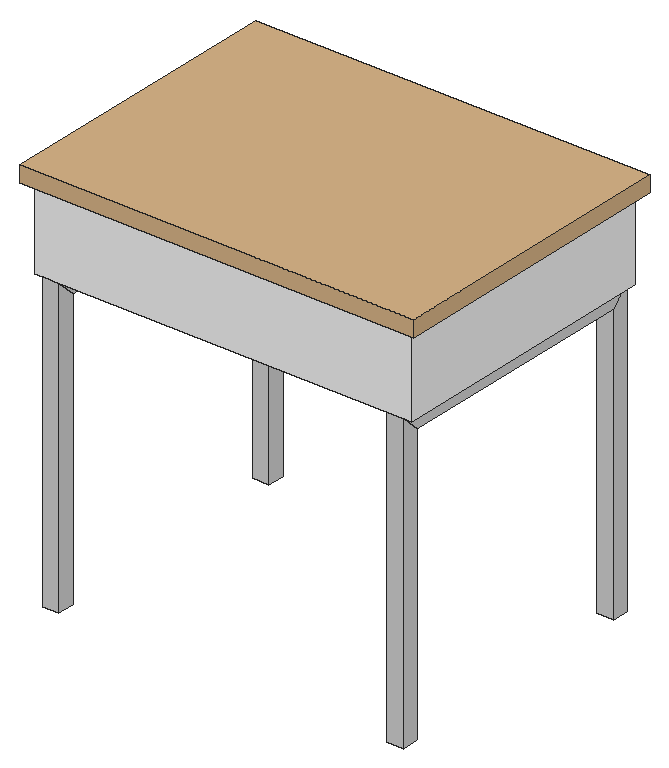
Revit family
Parameters (values of type "24" x 18" x 24"")
  Assembly Code = ""
  Depth = 1' - 6"
  Height = 2' - 0"
  Width = 2' - 0"
Types (5): name | Assembly Code | Depth | Height | Width
  (no name) | "" | 1' - 6" | 2' - 0" | 2' - 0"
  24" x 18" x 29" | "E2020200" | 1' - 6" | 2' - 5" | 2' - 0"
  24" x 18" x 24" | "" | 1' - 6" | 2' - 0" | 2' - 0"
  600 x 460 x 600mm | "" | 1' - 6.11024" | 1' - 11.62205" | 1' - 11.62205"
  600 x 460 x 740mm | "" | 1' - 6.11024" | 2' - 5.13386" | 1' - 11.62205"
Reference planes (in)
  plane 1 "Center F/B": y = 0
  plane 2: z = 0
  plane 3 "Center L/R": x = 0
  plane 4: y = 9
  plane 5: y = -9
  plane 6: x = -12
  plane 7: x = 12
  plane 8: z = 24
Forms (in)
  Extrusion 1, solid, material "Wood - Birch"
    sketch origin (0, 0, 0) x (1, 0, 0) y (0, 1, 0)
      loop
        line (-12, 9) -> (-12, -9) -> (12, -9) -> (12, 9) -> (-12, 9)
    from 23 to 24
  Extrusion 2, solid, material "Metal - Steel"
    sketch origin (0, 0, 0) x (1, 0, 0) y (0, 1, 0)
      loop
        line (-11.5, 8.5) -> (-11.5, -8.5) -> (11.5, -8.5) -> (11.5, 8.5) -> (-11.5, 8.5)
    from 18 to 23
  Sweep 3, solid, material "Metal - Chrome"
    path origin (11.5, -8.5, 23) x (0, 0, -1) y (0, 1, 0)
      loop
        line (23, 0.5) -> (5.5, 0.5) -> (5.5, 16.5) -> (23, 16.5)
    profile origin (11.5, 0, 8.75) x (0, -1, 0) y (1, 0, 0)
      loop
        line (8.5, -0.5) -> (7.5, -0.5) -> (7.5, -1.5) -> (8.5, -1.5) -> (8.5, -0.5)
  Sweep 4, solid, material "Metal - Chrome"
    path origin (-17.5, -8.5, 28) x (0, 0, -1) y (0, 1, 0)
      loop
        line (28, 0.5) -> (10.5, 0.5) -> (10.5, 16.5) -> (28, 16.5)
    profile origin (-52.5, 0, 8.75) x (-1, 0, 0) y (0, -1, 0)
      loop
        line (-41.5, 8.5) -> (-42.5, 8.5) -> (-42.5, 7.5) -> (-41.5, 7.5) -> (-41.5, 8.5)
Lines and regions (in)
  symbolic lines
    curve 1: line (-12, 9, 0) -> (12, 9, 0)
    curve 2: line (-12, -9, 0) -> (-12, 9, 0)
    curve 3: line (12, -9, 0) -> (-12, -9, 0)
    curve 4: line (12, 9, 0) -> (12, -9, 0)
Dimensions and locks (in)
  equal spacing: plane 6, plane 3 "Center L/R", plane 7
  "Width": plane 6 to plane 7
  equal spacing: plane 5, plane 1 "Center F/B", plane 4
  "Depth": plane 5 to plane 4
  "Height": plane 8 to plane 2
  locked: Extrusion 1 to Extrusion 1 at 1
  locked: plane 6 to Extrusion 2 sketch curve at 0.5
  locked: Extrusion 2 sketch curve to plane 4 at 0.5
  locked: Extrusion 2 sketch curve to plane 7 at 0.5
  locked: plane 5 to Extrusion 2 sketch curve at 0.5
  locked: Extrusion 2 to Extrusion 2 at 5
  locked: plane 5 to Sweep 3 sketch curve at 1
  locked: Sweep 3 sketch curve to plane 4 at 1
  locked: Sweep 3 sketch curve to Extrusion 2 at 0.5
  locked: Sweep 3 sketch curve to plane 7 at 1
  locked: plane 6 to Sweep 4 sketch curve at 1
  locked: plane 4 to Sweep 4 sketch curve at 1
  locked: Sweep 4 sketch curve to plane 5 at 1
  locked: Sweep 3 to Sweep 4 sketch curve at 0.5
  locked: plane 8 to Extrusion 2 at 6
  aligned and locked: plane 4 to curve 1
  aligned and locked: curve 3 to plane 5
  aligned and locked: plane 6 to curve 2
  aligned and locked: plane 4 to Extrusion 1 sketch curve
  aligned and locked: Extrusion 1 sketch curve to plane 7
  aligned and locked: plane 6 to Extrusion 1 sketch curve
  aligned and locked: Extrusion 1 sketch curve to plane 5
  aligned and locked: Extrusion 1 to plane 8
Automatic sketch dimensions
  Sweep 3 sketch curve to level = 0' - 0"  (x2)
  Sweep 3 sketch curve to Sweep 3 sketch curve = 0' - 1"
  Sweep 4 sketch curve to level = 0' - 0"  (x2)
  Sweep 4 sketch curve to Sweep 4 sketch curve = 0' - 1"
  curve 3 to plane 7 = 0' - 0"
